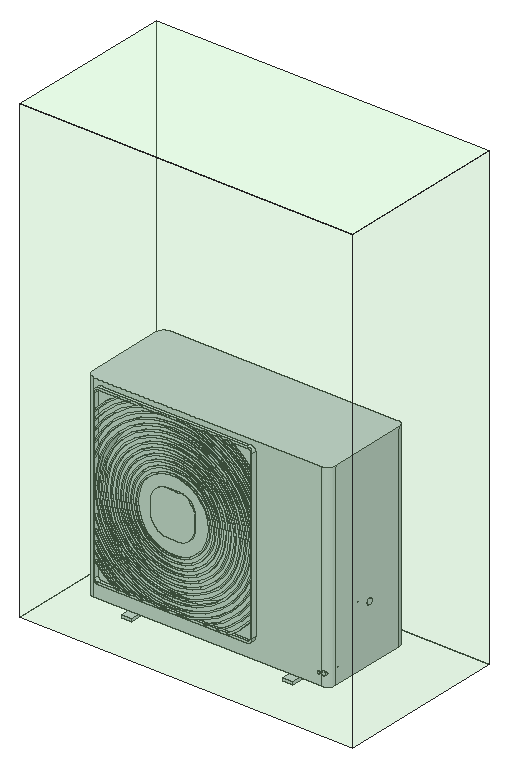
Revit family "BC_Hitachi_RAS3-HVNP1E_LOD400", category Equipement de génie climatique, Revit 2016
Family settings
  Type d'élément = Normal
  Cote de connecteur circulaire = Utiliser le diamètre
  Numéro OmniClass = 23.75.00.00
  Titre OmniClass = Climate Control (HVAC)
  Basée sur le plan de construction = Non
  Toujours verticalement = Oui
  Couper avec des vides une fois chargée = Non
  Partagée = Non
  Point de calcul de pièce = Non
Parameters (values of type "RAS-3HVNP1E")
  Sound power at rated load (dB(A)) = 63
  Product Code = "7E304018"
  Overall Width = 950.00 mm
  Overall Height = 800.00 mm
  Overall Depth = 370.00 mm
  Number of Poles = "1"
  Nominal heating power input = 1.52 W
  Nominal cooling power input = 1.46 W
  Nominal Voltage = 230 V
  Nominal Current = 21.5 A
  Modèle = "Outdoor Unit - IVX Premium"
  Minimum AC Voltage = 207 V
  Maximum Input Power = 4.9 W
  Maximum AC Voltage = 253 V
  Mass = 103.00 kg
  Liquid Diameter = 9.52 mm
  Heating Capacity = 8 kW
  Gas Diameter = 15.88 mm
  Frequency = 50 Hz
  Fan diameter = 600.00 mm
  Energy Efficiency Ratio (EER) = 4.49
  Sound pressure level heating (dB(A)) = "48"
  Sound pressure level Night mode cooling (dB(A)) = "42"
  Sound pressure level cooling (dB(A)) = "46"
  Sound power dB(A) = "63"
  Service space [instance] = yes
  Running current heating = 6.7 A
  Running current cooling = 6.4 A
  Refrigerant charge = 2.30 kg
  Refrigerant = "R410A"
  Recommended circuit breaker = 20 A
  Nominal heating capacity (min) = 3.5 kW
  Nominal heating capacity (max) = 10.6 kW
  Nominal cooling capacity (min) = 3.2 kW
  Nominal cooling capacity (max) = 8 kW
  Minimum Connected Capacity (%) = "50"
  Maximum Connected Capacity (%) = "120"
  Maximum Air Flow = 45000.0 L/min
  Height liquid pipe = 315.09 mm
  Height Gas pipe = 232.09 mm
  Fabricant = "HITACHI"
  Description = "The CENTRIFUGE IVX solution has been created for integrate this outdoor group inside the building"
  Cooling Capacity = 7.1 kW
  Commentaires du type = "RAS-3HVNP1E"
  Color = ""
  Coefficient Of Performance (COP) = 4.88
Reference planes
  plane 1 "Centre (avant/arrière)": y = 0
  plane 2: z = 0
  plane 3 "Centre (gauche/droite)": x = 0
  plane 4 "Ar": y = 185
  plane 5 "Av": y = -185
  plane 6 "Haut": z = 800
  plane 7 "D": x = 475
  plane 8 "G": x = -475
  plane 9: y = 285
  plane 10: x = -575
  plane 11: x = 725
  plane 12: y = -385
  plane 13 "Service space hight": z = 1800
  plane 14: z = 32
  plane 15: z = 780
  plane 16: z = 92
  plane 17: x = -435
  plane 18: x = 185
  plane 19 "Gas": x = 453
  plane 20 "liquide": x = 433
Forms (mm)
  Extrusion 1, solid, material "Service space walls in 4 directions", visible <- "Service space"
    sketch origin (0, 0, 0) x (1, 0, 0) y (0, 1, 0)
      loop
        line (-575, 285) -> (-575, -385) -> (725, -385) -> (725, 285) -> (-575, 285)
    from 0 to 1800
  Extrusion 2, solid
    sketch origin (0, 0, 0) x (1, 0, 0) y (0, 1, 0)
      loop
        arc (-445, 185) -> (-466.213, 176.213) -> (-475, 155) r 30
        line (-475, 155) -> (-475, -155)
        arc (-475, -155) -> (-466.213, -176.213) -> (-445, -185) r 30
        line (-445, -185) -> (445, -185)
        arc (445, -185) -> (466.213, -176.213) -> (475, -155) r 30
        line (475, -155) -> (475, 155)
        arc (475, 155) -> (466.213, 176.213) -> (445, 185) r 30
        line (445, 185) -> (-445, 185)
    from 32 to 800
  Sweep 3, solid
    path origin (115, -185, 0) x (1, 0, 0) y (0, 0, 1)
      loop
        line (-450, 32) -> (-410, 32)
    profile origin (-315, -185, 32) x (0, 0, 1) y (0, -1, 0)
      loop
        line (0, -185) -> (0, -138.475) -> (-22, -68.03) -> (-22, 5) -> (-32, 5) -> (-32, -69.555) -> (-10, -140) -> (-10, -185) -> (0, -185)
  Extrusion 4, solid
    sketch origin (-0.125, 0, 0.09) x (1, 0, 0) y (0, 0, 1)
      loop
        circle (453.125, 264) r 9
      loop
        circle (433.125, 347) r 5
    from 0 to 20
  Extrusion 5, solid
    sketch origin (483, 100, 284) x (0, -1, 0) y (0, 0, -1)
      loop
        circle (100, 23.117) r 10
    from 0 to 1
  Extrusion 6, void
    sketch origin (-60, -185, 140) x (1, 0, 0) y (0, 0, 1)
      loop
        circle (-65, 296) r 300
    from 0 to -25
  Sweep 7, solid
    path origin (115, 185, 0) x (1, 0, 0) y (0, 0, -1)
      loop
        line (-450, -32) -> (-410, -32)
    profile origin (-315, 185, 32) x (0, 0, -1) y (0, 1, 0)
      loop
        line (0, -185) -> (10, -185) -> (10, -140) -> (32, -69.555) -> (32, 5) -> (22, 5) -> (22, -68.03) -> (0, -138.475) -> (0, -185)
  Sweep 8, solid
    path origin (-115, -185, 0) x (-1, 0, 0) y (0, 0, 1)
      loop
        line (-450, 32) -> (-410, 32)
    profile origin (315, -185, 32) x (0, 0, -1) y (0, -1, 0)
      loop
        line (0, -185) -> (10, -185) -> (10, -140) -> (32, -69.555) -> (32, 5) -> (22, 5) -> (22, -68.03) -> (0, -138.475) -> (0, -185)
  Sweep 9, solid
    path origin (-115, 185, 0) x (-1, 0, 0) y (0, 0, 1)
      loop
        line (-450, 32) -> (-410, 32)
    profile origin (315, 185, 32) x (0, 0, 1) y (0, 1, 0)
      loop
        line (0, -185) -> (0, -138.475) -> (-22, -68.03) -> (-22, 5) -> (-32, 5) -> (-32, -69.555) -> (-10, -140) -> (-10, -185) -> (0, -185)
  Extrusion 10, solid
    sketch origin (0, -185, 0) x (1, 0, 0) y (0, 0, 1)
      loop
        arc (-415, 780.629) -> (-429.142, 774.771) -> (-435, 760.629) r 20
        line (-435, 760.629) -> (-435, 112)
        arc (-435, 112) -> (-429.142, 97.858) -> (-415, 92) r 20
        line (-415, 92) -> (165, 92)
        arc (165, 92) -> (179.142, 97.858) -> (185, 112) r 20
        line (185, 112) -> (185, 760.629)
        arc (185, 760.629) -> (179.142, 774.771) -> (165, 780.629) r 20
        line (165, 780.629) -> (-415, 780.629)
      loop
        arc (-430, 112) -> (-425.607, 101.393) -> (-415, 97) r 15
        line (-415, 97) -> (165, 97)
        arc (165, 97) -> (175.607, 101.393) -> (180, 112) r 15
        line (180, 112) -> (180, 760.629)
        arc (180, 760.629) -> (175.607, 771.236) -> (165, 775.629) r 15
        line (165, 775.629) -> (-415, 775.629)
        arc (-415, 775.629) -> (-425.607, 771.236) -> (-430, 760.629) r 15
        line (-430, 760.629) -> (-430, 112)
    from 0 to 15
  Sweep 11, solid
    path in 3D
      loop
        line (453, -185, 79.5) -> (453, -125, 79.5) -> (453, -125, 264.09) -> (453, -20, 264.09)
    profile origin (453, -155, 79.5) x (0, 0, -1) y (-1, 0, 0)
      loop
        circle (0, 0) r 7.94
  Sweep 12, solid
    path in 3D
      loop
        line (433, -185, 77) -> (433, -125, 77) -> (433, -125, 347.09) -> (433, -20, 347.09)
    profile origin (433, -155, 77) x (0, 0, -1) y (-1, 0, 0)
      loop
        circle (0, 0) r 4.76
  Extrusion 13, solid
    sketch origin (0, -185, 0) x (1, 0, 0) y (0, 0, 1)
      loop
        circle (-125, 436) r 140
      loop
        circle (-125, 436) r 145
      loop
        circle (-125, 436) r 160
      loop
        circle (-125, 436) r 165
      loop
        circle (-125, 436) r 180
      loop
        circle (-125, 436) r 185
      loop
        circle (-125, 436) r 200
      loop
        circle (-125, 436) r 205
      loop
        circle (-125, 436) r 220
      loop
        circle (-125, 436) r 225
      loop
        circle (-125, 436) r 240
      loop
        circle (-125, 436) r 245
      loop
        circle (-125, 436) r 260
      loop
        circle (-125, 436) r 265
      loop
        circle (-125, 436) r 280
      loop
        circle (-125, 436) r 285
      loop
        circle (-125, 436) r 300
      loop
        circle (-125, 436) r 305
      loop
        arc (-430, 532.825) -> (-125, 756) -> (180, 532.825) r 320
        line (180, 532.825) -> (180, 548.25)
        arc (180, 548.25) -> (-125, 761) -> (-430, 548.25) r 325
        line (-430, 548.25) -> (-430, 532.825)
      loop
        line (-430, 339.175) -> (-430, 323.75)
        arc (-430, 323.75) -> (-125, 111) -> (180, 323.75) r 325
        line (180, 323.75) -> (180, 339.175)
        arc (180, 339.175) -> (-125, 116) -> (-430, 339.175) r 320
      loop
        arc (-430, 586.25) -> (-311.298, 720.417) -> (-140.88, 775.629) r 340
        line (-140.88, 775.629) -> (-185.64, 775.629)
        arc (-185.64, 775.629) -> (-328.417, 714.652) -> (-430, 597.245) r 345
        line (-430, 597.245) -> (-430, 586.25)
      loop
        arc (-109.12, 775.629) -> (61.298, 720.417) -> (180, 586.25) r 340
        line (180, 586.25) -> (180, 597.245)
        arc (180, 597.245) -> (78.417, 714.652) -> (-64.36, 775.629) r 345
        line (-64.36, 775.629) -> (-109.12, 775.629)
      loop
        arc (-430, 627.246) -> (-349.788, 717.195) -> (-244.382, 775.629) r 360
        line (-244.382, 775.629) -> (-258.706, 775.629)
        arc (-258.706, 775.629) -> (-355.119, 719.32) -> (-430, 636.499) r 365
        line (-430, 636.499) -> (-430, 627.246)
      loop
        arc (-5.618, 775.629) -> (99.788, 717.195) -> (180, 627.246) r 360
        line (180, 627.246) -> (180, 636.499)
        arc (180, 636.499) -> (105.119, 719.32) -> (8.706, 775.629) r 365
        line (8.706, 775.629) -> (-5.618, 775.629)
      loop
        arc (-430, 662.661) -> (-369.342, 727.028) -> (-295.447, 775.629) r 380
        line (-295.447, 775.629) -> (-306.321, 775.629)
        arc (-306.321, 775.629) -> (-373.73, 729.868) -> (-430, 670.947) r 385
        line (-430, 670.947) -> (-430, 662.661)
      loop
        arc (45.447, 775.629) -> (119.342, 727.028) -> (180, 662.661) r 380
        line (180, 662.661) -> (180, 670.947)
        arc (180, 670.947) -> (123.73, 729.868) -> (56.321, 775.629) r 385
        line (56.321, 775.629) -> (45.447, 775.629)
      loop
        arc (86.311, 775.629) -> (136.3, 738.857) -> (180, 694.795) r 400
        line (180, 694.795) -> (180, 702.458)
        arc (180, 702.458) -> (140.349, 741.966) -> (95.629, 775.629) r 405
        line (95.629, 775.629) -> (86.311, 775.629)
      loop
        arc (-430, 694.795) -> (-386.3, 738.857) -> (-336.311, 775.629) r 400
        line (-336.311, 775.629) -> (-345.629, 775.629)
        arc (-345.629, 775.629) -> (-390.349, 741.966) -> (-430, 702.458) r 405
        line (-430, 702.458) -> (-430, 694.795)
      loop
        line (-430, 285.75) -> (-430, 274.755)
        arc (-430, 274.755) -> (-328.417, 157.348) -> (-185.64, 96.371) r 345
        line (-185.64, 96.371) -> (-140.88, 96.371)
        arc (-140.88, 96.371) -> (-311.298, 151.583) -> (-430, 285.75) r 340
      loop
        line (-109.12, 96.371) -> (-64.36, 96.371)
        arc (-64.36, 96.371) -> (78.417, 157.348) -> (180, 274.755) r 345
        line (180, 274.755) -> (180, 285.75)
        arc (180, 285.75) -> (61.298, 151.583) -> (-109.12, 96.371) r 340
      loop
        line (-430, 244.754) -> (-430, 235.501)
        arc (-430, 235.501) -> (-355.119, 152.68) -> (-258.706, 96.371) r 365
        line (-258.706, 96.371) -> (-244.382, 96.371)
        arc (-244.382, 96.371) -> (-349.788, 154.805) -> (-430, 244.754) r 360
      loop
        line (-5.618, 96.371) -> (8.706, 96.371)
        arc (8.706, 96.371) -> (105.119, 152.68) -> (180, 235.501) r 365
        line (180, 235.501) -> (180, 244.754)
        arc (180, 244.754) -> (99.788, 154.805) -> (-5.618, 96.371) r 360
      loop
        line (-430, 209.339) -> (-430, 201.053)
        arc (-430, 201.053) -> (-373.73, 142.132) -> (-306.321, 96.371) r 385
        line (-306.321, 96.371) -> (-295.447, 96.371)
        arc (-295.447, 96.371) -> (-369.342, 144.972) -> (-430, 209.339) r 380
      loop
        line (45.447, 96.371) -> (56.321, 96.371)
        arc (56.321, 96.371) -> (123.73, 142.132) -> (180, 201.053) r 385
        line (180, 201.053) -> (180, 209.339)
        arc (180, 209.339) -> (119.342, 144.972) -> (45.447, 96.371) r 380
      loop
        line (86.311, 96.371) -> (95.629, 96.371)
        arc (95.629, 96.371) -> (140.349, 130.034) -> (180, 169.542) r 405
        line (180, 169.542) -> (180, 177.205)
        arc (180, 177.205) -> (136.3, 133.143) -> (86.311, 96.371) r 400
      loop
        line (-430, 177.205) -> (-430, 169.542)
        arc (-430, 169.542) -> (-390.349, 130.034) -> (-345.629, 96.371) r 405
        line (-345.629, 96.371) -> (-336.311, 96.371)
        arc (-336.311, 96.371) -> (-386.3, 133.143) -> (-430, 177.205) r 400
      loop
        arc (-147.797, 523.972) -> (-193.406, 505.08) -> (-212.297, 459.472) r 64.5
        line (-212.297, 459.472) -> (-212.297, 416.472)
        arc (-212.297, 416.472) -> (-193.406, 370.863) -> (-147.797, 351.972) r 64.5
        line (-147.797, 351.972) -> (-104.797, 351.972)
        arc (-104.797, 351.972) -> (-59.189, 370.863) -> (-40.297, 416.472) r 64.5
        line (-40.297, 416.472) -> (-40.297, 459.472)
        arc (-40.297, 459.472) -> (-59.189, 505.08) -> (-104.797, 523.972) r 64.5
        line (-104.797, 523.972) -> (-147.797, 523.972)
    from 12 to 15
Cuts and joins
  Extrusion 6 cuts Extrusion 2
  Extrusion 6 cuts Extrusion 10
  joined: Extrusion 2, Extrusion 10
  joined: Sweep 3, Sweep 7
  joined: Sweep 8, Sweep 9
  Extrusion 6 cuts Extrusion 13
Lines and regions (mm)
  model lines, style "InvisibleLines"
    curve 1: line (475, 0, 800) -> (475, 0, 32)
    curve 2: line (475, -62.748, 800) -> (475, 57.252, 800)
  model lines, style "MechanicalEquipment"
    curve 3: circle (483, 0, 260.883) r 10 normal (1, 0, 0)
  model lines
    curve 4: line (426.98, -185, 119.935) -> (461.98, -185, 119.935)
    curve 5: line (416.98, -185, 74.935) -> (416.98, -185, 109.935)
    curve 6: line (461.98, -185, 64.935) -> (426.98, -185, 64.935)
    curve 7: line (471.98, -185, 109.935) -> (471.98, -185, 74.935)
    curve 8: arc (416.98, -185, 109.935) -> (419.909, -185, 117.006) -> (426.98, -185, 119.935) r 10
    curve 9: arc (461.98, -185, 119.935) -> (469.051, -185, 117.006) -> (471.98, -185, 109.935) r 10
    curve 10: arc (461.98, -185, 64.935) -> (469.051, -185, 67.864) -> (471.98, -185, 74.935) r 10
    curve 11: arc (426.98, -185, 64.935) -> (419.909, -185, 67.864) -> (416.98, -185, 74.935) r 10
    curve 12: line (453, -185, 79.5) -> (453, -125, 79.5)
    curve 13: line (453, -125, 79.5) -> (453, -125, 264.09)
    curve 14: line (453, -125, 264.09) -> (453, -20, 264.09)
    curve 18: line (433, -185, 77) -> (433, -125, 77)
    curve 19: line (433, -125, 77) -> (433, -125, 347.09)
    curve 20: line (433, -125, 347.09) -> (433, -20, 347.09)
  sketch lines
    curve 15: line (453, -185, 79.5) -> (453, -125, 79.5)
    curve 16: line (453, -125, 79.5) -> (453, -125, 264.09)
    curve 17: line (453, -125, 264.09) -> (453, -20, 264.09)
    curve 21: line (433, -185, 77) -> (433, -125, 77)
    curve 22: line (433, -125, 77) -> (433, -125, 347.09)
    curve 23: line (433, -125, 347.09) -> (433, -20, 347.09)
Dimensions and locks
  equal spacing: plane 4 "Ar", plane 1 "Centre (avant/arrière)", plane 5 "Av"
  "Overall Depth": plane 4 "Ar" to plane 5 "Av"
  "Overall Height": plane 2 to plane 6 "Haut"
  "Overall Width": plane 8 "G" to plane 7 "D"
  locked: plane 9 to plane 4 "Ar" at 100
  locked: plane 10 to plane 8 "G" at 100
  locked: plane 12 to plane 5 "Av" at 200
  locked: plane 7 "D" to plane 11 at 250
  locked: plane 13 "Service space hight" to plane 6 "Haut" at 1000
  equal spacing: plane 8 "G", plane 3 "Centre (gauche/droite)", plane 7 "D"
  plane 14 to plane 2 = 32.00 mm
  locked: plane 6 "Haut" to plane 15 at 20
  locked: plane 16 to plane 14 at 60
  equal spacing: plane 15, Extrusion 6 sketch curve, plane 16
  locked: plane 17 to plane 8 "G" at 40
  plane 18 to plane 17 = 620.00 mm
  equal spacing: plane 18, Extrusion 6 sketch curve, plane 17
  "Height liquid pipe": Extrusion 4 sketch curve to plane 14
  "Height Gas pipe": Extrusion 4 sketch curve to plane 14
  plane 20 "liquide" to plane 19 "Gas" = 20.00 mm
  diameter of Extrusion 4 sketch curve = 18.00 mm
  diameter of Extrusion 4 sketch curve = 10.00 mm
  "Fan diameter": diameter of Extrusion 6 sketch curve
  "Gas Diameter": diameter of Sweep 11 sketch curve
  "Liquid Diameter": diameter of Sweep 12 sketch curve
  aligned and locked: level to plane 2
  aligned and locked: Extrusion 1 sketch curve to plane 9
  aligned and locked: plane 10 to Extrusion 1 sketch curve
  aligned and locked: Extrusion 1 sketch curve to plane 12
  aligned and locked: plane 11 to Extrusion 1 sketch curve
  aligned and locked: plane 13 "Service space hight" to Extrusion 1
  aligned and locked: Extrusion 2 sketch curve to plane 4 "Ar"
  aligned and locked: plane 8 "G" to Extrusion 2 sketch curve
  aligned and locked: Extrusion 2 sketch curve to plane 5 "Av"
  aligned and locked: plane 7 "D" to Extrusion 2 sketch curve
  aligned and locked: plane 6 "Haut" to Extrusion 2
  aligned and locked: Extrusion 2 to plane 14
  aligned and locked: plane 1 "Centre (avant/arrière)" to curve 1
  aligned and locked: Sweep 3 sketch curve to plane 14
Automatic sketch dimensions
  curve 2 to plane 7 "D" = 0.00 mm
  curve 2 to plane 1 "Centre (avant/arrière)" = 57.252 mm
  plane 1 "Centre (avant/arrière)" to curve 2 = 62.748 mm
  Extrusion 10 sketch curve to plane 15 = 19.371 mm
  plane 16 to Extrusion 10 sketch curve = 20.00 mm
  plane 18 to Extrusion 10 sketch curve = 20.00 mm  (x2)
  Extrusion 10 sketch curve to Extrusion 10 sketch curve = 0.00 mm  (x11)
  plane 17 to Extrusion 10 sketch curve = 5.00 mm
  Extrusion 10 sketch curve to plane 17 = 0.00 mm
  Extrusion 10 sketch curve to plane 16 = 0.00 mm
  plane 18 to Extrusion 10 sketch curve = 0.00 mm
  Extrusion 10 sketch curve to Extrusion 10 sketch curve = 15.00 mm
  curve 3 to plane 1 "Centre (avant/arrière)" = 0.00 mm
  plane 16 to curve 3 = 168.883 mm
  Extrusion 5 sketch curve to plane 1 "Centre (avant/arrière)" = 0.00 mm
  plane 16 to Extrusion 5 sketch curve = 168.883 mm
  plane 20 "liquide" to curve 8 = 6.02 mm
  plane 20 "liquide" to curve 11 = 6.02 mm
  curve 5 to curve 8 = 10.00 mm
  curve 4 to plane 19 "Gas" = 8.98 mm
  curve 10 to plane 19 "Gas" = 8.98 mm
  plane 7 "D" to curve 7 = 3.02 mm
  curve 6 to plane 16 = 27.065 mm
  plane 16 to curve 7 = 17.935 mm
  Sweep 3 sketch curve to plane 14 = 0.00 mm
  plane 17 to Sweep 3 sketch curve = 100.00 mm
  Sweep 3 sketch curve to Sweep 3 sketch curve = 40.00 mm
  profile plane to Sweep 3 sketch curve = 10.00 mm
  profile plane to Sweep 3 sketch curve = 22.00 mm
  plane 5 "Av" to Sweep 3 sketch curve = 5.00 mm
  Sweep 3 sketch curve to Sweep 3 sketch curve = 10.00 mm
  Sweep 3 sketch curve to plane 5 "Av" = 68.03 mm
  Sweep 3 sketch curve to Sweep 3 sketch curve = 1.525 mm  (x2)
  Sweep 3 sketch curve to Sweep 3 sketch curve = 70.445 mm
  Sweep 3 sketch curve to Sweep 3 sketch curve = 45.00 mm
  curve 1 to plane 14 = 0.00 mm
  curve 1 to plane 6 "Haut" = 0.00 mm
  Sweep 7 sketch curve to plane 14 = 0.00 mm
  plane 17 to Sweep 7 sketch curve = 100.00 mm
  Sweep 7 sketch curve to Sweep 7 sketch curve = 40.00 mm
  Sweep 7 sketch curve to profile plane = 0.00 mm
  Sweep 7 sketch curve to Sweep 7 sketch curve = 10.00 mm  (x2)
  profile plane to Sweep 7 sketch curve = 5.00 mm
  Sweep 7 sketch curve to profile plane = 22.00 mm
  Sweep 7 sketch curve to profile plane = 68.03 mm
  Sweep 7 sketch curve to Sweep 7 sketch curve = 1.525 mm  (x2)
  Sweep 7 sketch curve to Sweep 7 sketch curve = 70.445 mm
  Sweep 7 sketch curve to Sweep 7 sketch curve = 45.00 mm
  Sweep 8 sketch curve to plane 14 = 0.00 mm
  Sweep 8 sketch curve to plane 20 "liquide" = 98.00 mm
  Sweep 8 sketch curve to Sweep 8 sketch curve = 40.00 mm
  Sweep 8 sketch curve to profile plane = 0.00 mm
  Sweep 8 sketch curve to Sweep 8 sketch curve = 10.00 mm  (x2)
  plane 5 "Av" to Sweep 8 sketch curve = 5.00 mm
  Sweep 8 sketch curve to profile plane = 22.00 mm
  Sweep 8 sketch curve to plane 5 "Av" = 68.03 mm
  Sweep 8 sketch curve to Sweep 8 sketch curve = 1.525 mm  (x2)
  Sweep 8 sketch curve to Sweep 8 sketch curve = 70.445 mm
  Sweep 8 sketch curve to Sweep 8 sketch curve = 45.00 mm
  Sweep 9 sketch curve to plane 14 = 0.00 mm
  plane 20 "liquide" to Sweep 9 sketch curve = 98.00 mm
  Sweep 9 sketch curve to Sweep 9 sketch curve = 40.00 mm
  profile plane to Sweep 9 sketch curve = 0.00 mm
  profile plane to Sweep 9 sketch curve = 10.00 mm
  profile plane to Sweep 9 sketch curve = 22.00 mm
  profile plane to Sweep 9 sketch curve = 5.00 mm
  Sweep 9 sketch curve to Sweep 9 sketch curve = 10.00 mm
  Sweep 9 sketch curve to profile plane = 68.03 mm
  Sweep 9 sketch curve to Sweep 9 sketch curve = 1.525 mm  (x2)
  Sweep 9 sketch curve to Sweep 9 sketch curve = 70.445 mm
  Sweep 9 sketch curve to Sweep 9 sketch curve = 45.00 mm
  curve 12 to plane 5 "Av" = 0.00 mm
  plane 16 to curve 13 = 12.50 mm
  plane 5 "Av" to curve 13 = 60.00 mm
  curve 12 to curve 14 = 184.59 mm
  curve 14 to plane 1 "Centre (avant/arrière)" = 20.00 mm
  curve 18 to plane 5 "Av" = 0.00 mm
  plane 16 to curve 19 = 15.00 mm
  plane 5 "Av" to curve 19 = 60.00 mm
  curve 20 to plane 16 = 255.09 mm
  curve 20 to plane 1 "Centre (avant/arrière)" = 20.00 mm
  Extrusion 13 sketch curve to Extrusion 13 sketch curve = 0.00 mm  (x2863)
  plane 17 to Extrusion 13 sketch curve = 5.00 mm  (x10)
  plane 16 to Extrusion 13 sketch curve = 4.371 mm  (x8)
  plane 17 to Extrusion 13 sketch curve = 89.371 mm  (x2)
  Extrusion 13 sketch curve to plane 15 = 4.371 mm  (x8)
  Extrusion 13 sketch curve to Extrusion 13 sketch curve = 9.318 mm  (x4)
  Extrusion 13 sketch curve to Extrusion 13 sketch curve = 29.99 mm  (x4)
  Extrusion 13 sketch curve to Extrusion 13 sketch curve = 10.874 mm  (x4)
  Extrusion 13 sketch curve to Extrusion 13 sketch curve = 36.741 mm  (x4)
  Extrusion 13 sketch curve to Extrusion 13 sketch curve = 14.323 mm  (x2)
  Extrusion 13 sketch curve to plane 3 "Centre (gauche/droite)" = 212.297 mm
  Extrusion 13 sketch curve to Extrusion 13 sketch curve = 58.743 mm  (x2)
  Extrusion 13 sketch curve to Extrusion 13 sketch curve = 64.50 mm
  Extrusion 13 sketch curve to Extrusion 13 sketch curve = 44.76 mm  (x4)
  Extrusion 13 sketch curve to Extrusion 13 sketch curve = 22.797 mm
  Extrusion 13 sketch curve to Extrusion 13 sketch curve = 31.76 mm  (x2)
  Extrusion 13 sketch curve to Extrusion 13 sketch curve = 20.203 mm  (x2)
  Extrusion 13 sketch curve to plane 3 "Centre (gauche/droite)" = 40.297 mm
  Extrusion 13 sketch curve to plane 3 "Centre (gauche/droite)" = 5.618 mm  (x2)
  plane 3 "Centre (gauche/droite)" to Extrusion 13 sketch curve = 8.706 mm  (x2)
  plane 18 to Extrusion 13 sketch curve = 5.00 mm  (x10)
  Extrusion 13 sketch curve to Extrusion 13 sketch curve = 73.171 mm
  Extrusion 13 sketch curve to Extrusion 13 sketch curve = 38.00 mm
  Extrusion 13 sketch curve to Extrusion 13 sketch curve = 15.425 mm  (x2)
  Extrusion 13 sketch curve to Extrusion 13 sketch curve = 84.028 mm
  Extrusion 13 sketch curve to Extrusion 13 sketch curve = 43.00 mm
  Extrusion 13 sketch curve to Extrusion 13 sketch curve = 53.425 mm
  plane 8 "G" to Extrusion 2 sketch curve = 30.00 mm
  Extrusion 2 sketch curve to plane 17 = 10.00 mm
  plane 19 "Gas" to Extrusion 2 sketch curve = 8.00 mm  (x2)
  plane 20 "liquide" to Extrusion 4 sketch curve = 0.00 mm
  plane 19 "Gas" to Extrusion 4 sketch curve = 0.00 mm
  Sweep 11 sketch curve to profile plane = 0.00 mm
  profile plane to Sweep 11 sketch curve = 0.00 mm
  Sweep 12 sketch curve to profile plane = 0.00 mm
  profile plane to Sweep 12 sketch curve = 0.00 mm
  radius of curve 3 = 10.00 mm
  radius of Extrusion 5 sketch curve = 10.00 mm
  radius of Extrusion 13 sketch curve = 140.00 mm
  radius of Extrusion 13 sketch curve = 145.00 mm
  radius of Extrusion 13 sketch curve = 160.00 mm
  radius of Extrusion 13 sketch curve = 165.00 mm
  radius of Extrusion 13 sketch curve = 180.00 mm
  radius of Extrusion 13 sketch curve = 185.00 mm
  radius of Extrusion 13 sketch curve = 200.00 mm
  radius of Extrusion 13 sketch curve = 205.00 mm
  radius of Extrusion 13 sketch curve = 220.00 mm
  radius of Extrusion 13 sketch curve = 225.00 mm
  radius of Extrusion 13 sketch curve = 240.00 mm
  radius of Extrusion 13 sketch curve = 245.00 mm
  radius of Extrusion 13 sketch curve = 260.00 mm
  radius of Extrusion 13 sketch curve = 265.00 mm
  radius of Extrusion 13 sketch curve = 280.00 mm
  radius of Extrusion 13 sketch curve = 285.00 mm
  radius of Extrusion 13 sketch curve = 300.00 mm
  radius of Extrusion 13 sketch curve = 305.00 mm
Connectors
  electrical at (484, 0, 260.883), driven by "Nominal Voltage"
    settings: on Extrusion 5, index 3, voltage 230 V, apparent load 0 VA, apparent load phase1 0 VA, apparent load phase2 0 VA, apparent load phase3 0 VA, power factor 1, load classification "Autre", number of poles 1, system type 30, power factor state 1, is connector primary yes, connector utility no, sub classification motor no, connector description ""
  piping at (453, -185, 79.5), diameter 15.88, driven by "Gas Diameter"
    settings: on Sweep 11, index 7, connector inside diameter 609.6 mm, connector length 0.00 mm, flow factor 0, pipe flow 0.0 L/s, pressure drop 0.0 Pa, fitting loss kfactor 0, connector angle 0.00°, fixture units 0, engagement length 0.00 mm, angle of deflection 0.00°, flow configuration 0, flow direction 0, fitting loss method 0, system type 29, joint type 0, gender type 0, connector reference index -1, connector utility 0, adjustable connector no, is connector primary yes, connector description ""
  piping at (433, -185, 77), diameter 9.52, driven by "Liquid Diameter"
    settings: on Sweep 12, index 8, connector inside diameter 609.6 mm, connector length 0.00 mm, flow factor 0, pipe flow 0.0 L/s, pressure drop 0.0 Pa, fitting loss kfactor 0, connector angle 0.00°, fixture units 0, engagement length 0.00 mm, angle of deflection 0.00°, flow configuration 0, flow direction 2, fitting loss method 0, system type 16, joint type 0, gender type 0, connector reference index -1, connector utility 0, adjustable connector no, is connector primary no, connector description ""
